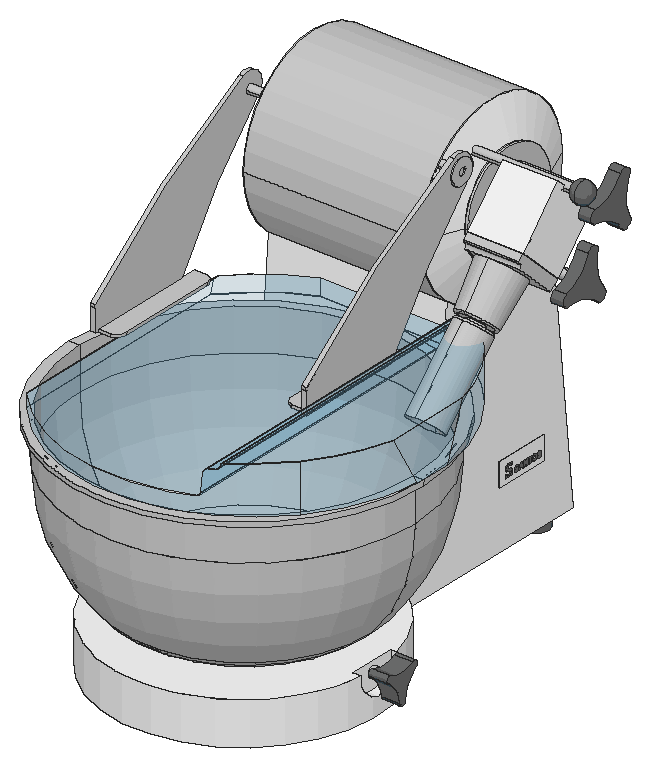
Revit family "QF_SANTOS_18", category Specialty Equipment, Revit 2014
Parameters (values of type "18")
  URL = "www.santos.fr"
  Show Logo [instance] = yes
  Show Clearance [instance] = yes
  Model = "18"
  Manufacturer = "SANTOS"
  Description = "10 LITER DOUGH MIXER 18"
  Assembly Code = "E1090320"
Reference planes
  plane 1 "Back": y = 0
  plane 2: z = 0
  plane 3 "Left": x = 0
  plane 4 "Right": x = 340
  plane 5 "Front": y = -507.5
  plane 6 "Top": z = 400.9
Forms (mm)
  Revolve 1, solid
    sketch origin (0, -337.501, -0.002) x (1, 0, 0) y (0, 0, 1)
      loop
        line (219.996, 48.566) -> (219.679, 54.62) -> (244.889, 54.62)
        arc (244.889, 54.62) -> (265.926, 58.395) -> (284.338, 69.249) r 60.5
        arc (284.338, 69.249) -> (287.12, 71.804) -> (289.731, 74.532) r 58.345
        arc (289.731, 74.532) -> (321.178, 125.039) -> (331.999, 183.543) r 160.01
        line (331.999, 183.543) -> (331.999, 217.119)
        arc (331.999, 217.119) -> (332.438, 218.18) -> (333.499, 218.619) r 1.5
        line (333.499, 218.619) -> (339.999, 218.619) -> (339.999, 223.418) -> (329.999, 223.418) -> (329.999, 183.545)
        arc (329.999, 183.545) -> (319.313, 125.761) -> (288.251, 75.877) r 158.01
        arc (288.251, 75.877) -> (285.725, 73.237) -> (283.034, 70.766) r 56.345
        arc (283.034, 70.766) -> (265.231, 60.27) -> (244.889, 56.62) r 58.5
        line (244.889, 56.62) -> (169.999, 56.62) -> (169.999, 48.566) -> (219.996, 48.566)
      axis (169.999, 48.566) -> (169.999, 223.418)
    angle from 0 to 360
  Extrusion 2, solid
    sketch origin (0, -15, -2.197) x (1, 0, 0) y (0, 0, 1)
      loop
        line (39.337, 225.825) -> (340, 225.825) -> (335.895, 271.825) -> (257.573, 271.825)
        arc (257.573, 271.825) -> (256.84, 271.594) -> (256.486, 270.912) r 1.004
        line (256.486, 270.912) -> (256.28, 268.564)
        arc (256.28, 268.564) -> (255.318, 266.613) -> (253.292, 265.825) r 3
        line (253.292, 265.825) -> (247.712, 265.825)
        arc (247.712, 265.825) -> (245.718, 265.019) -> (244.776, 263.087) r 3
        line (244.776, 263.087) -> (243.16, 244.616)
        arc (243.16, 244.616) -> (242.213, 242.631) -> (240.166, 241.825) r 3
        line (240.166, 241.825) -> (43.539, 241.825)
        arc (43.539, 241.825) -> (41.479, 241.055) -> (40.498, 239.087) r 3
        line (40.498, 239.087) -> (39.337, 225.825)
    from 152.171 to 500
  Extrusion 3, void
    sketch origin (0, 0, 17.803) x (1, 0, 0) y (0, 1, 0)
      loop
        arc (35.785, -221.003) -> (167.754, -153.945) -> (301.866, -216.608) r 168.899
        arc (301.866, -216.608) -> (340.902, -326.949) -> (301.866, -437.29) r 175.463
        arc (301.866, -437.29) -> (170.602, -499.948) -> (39.337, -437.29) r 168.824
        line (39.337, -437.29) -> (34.337, -437.29) -> (34.337, -521.033) -> (350, -521.033) -> (350, -152.29) -> (20.968, -152.29) -> (35.785, -221.003)
    from 200.814 to 282.538
  Extrusion 4, solid
    sketch origin (-21.775, -5, 0.303) x (0, 1, 0) y (0, 0, 1)
      loop
        arc (-158.861, 384.296) -> (-251.487, 330.996) -> (-336.182, 265.825) r 799.997
        arc (-336.182, 265.825) -> (-336.8, 264.456) -> (-336.182, 263.087) r 1.826
        line (-336.182, 263.087) -> (-336.182, 241.825) -> (-234.562, 241.825)
        arc (-234.562, 241.825) -> (-190.691, 305.487) -> (-139.312, 363.26) r 626.347
        arc (-139.312, 363.26) -> (-141.276, 381.036) -> (-158.861, 384.296) r 15
    from 45.95 to 50
  Extrusion 5, solid
    sketch origin (276.274, -5, 0.303) x (0, 1, 0) y (0, 0, -1)
      loop
        arc (-158.861, -384.296) -> (-141.276, -381.036) -> (-139.312, -363.26) r 15
        arc (-139.312, -363.26) -> (-190.691, -305.487) -> (-234.562, -241.825) r 626.347
        line (-234.562, -241.825) -> (-336.182, -241.825) -> (-336.182, -263.087)
        arc (-336.182, -263.087) -> (-336.8, -264.456) -> (-336.182, -265.825) r 1.826
        arc (-336.182, -265.825) -> (-251.487, -330.996) -> (-158.861, -384.296) r 799.997
    from 45.95 to 50
  Extrusion 6, solid
    sketch origin (0, -5, 0.303) x (1, 0, 0) y (0, 1, 0)
      loop
        line (28.225, -217.764) -> (28.225, -333.531) -> (40.371, -333.531)
        arc (40.371, -333.531) -> (46.018, -330.03) -> (48.225, -323.764) r 10
        line (48.225, -323.764) -> (48.225, -227.764)
        arc (48.225, -227.764) -> (45.296, -220.693) -> (38.225, -217.764) r 10
        line (38.225, -217.764) -> (28.225, -217.764)
      loop
        line (226.274, -217.764) -> (216.274, -217.764)
        arc (216.274, -217.764) -> (209.203, -220.693) -> (206.274, -227.764) r 10
        line (206.274, -227.764) -> (206.274, -323.764)
        arc (206.274, -323.764) -> (208.481, -330.03) -> (214.128, -333.531) r 10
        line (214.128, -333.531) -> (226.274, -333.531) -> (226.274, -217.764)
    from 241.825 to 243.825
  Extrusion 7, solid
    sketch origin (0, 0, 17.803) x (0, 1, 0) y (0, 0, 1)
      loop
        line (0, -10.803) -> (-26.862, 250.726)
        arc (-26.862, 250.726) -> (-85.008, 214.011) -> (-151.29, 232.332) r 85
        line (-151.29, 232.332) -> (-157.366, 162.883)
        arc (-157.366, 162.883) -> (-168.849, 106.445) -> (-192.733, 54.036) r 254.386
        arc (-192.733, 54.036) -> (-205.103, 39.837) -> (-221.603, 30.76) r 53.894
        line (-221.603, 30.76) -> (-221.603, -10.803) -> (0, -10.803)
    from 42.546 to 212.454
  Extrusion 8, solid
    sketch origin (25, -5, 0.303) x (0, 1, 0) y (0, 0, 1)
      loop
        line (-172.984, 336.212) -> (-131.87, 296.509) -> (-90.091, 341.311) -> (-131.885, 380.284) -> (-172.984, 336.212)
    from 229.724 to 282.687
  Extrusion 9, solid
    sketch origin (25, -5, 0.303) x (0, 1, 0) y (0, 0, 1)
      loop
        line (-173.415, 336.628) -> (-178.048, 331.298)
        arc (-178.048, 331.298) -> (-178.294, 330.639) -> (-178.048, 329.981) r 1.004
        line (-178.048, 329.981) -> (-177.2, 329.133)
        arc (-177.2, 329.133) -> (-175.999, 326.498) -> (-176.822, 323.721) r 4.135
        line (-176.822, 323.721) -> (-141.866, 289.965) -> (-131.87, 296.509) -> (-173.415, 336.628)
    from 229.724 to 282.687
  Revolve 10, solid
    sketch origin (277.5, -5, 0.303) x (0, 1, 0) y (0, 0, 1)
      loop
        line (-176.822, 323.721) -> (-204.63, 289.436)
        arc (-204.63, 289.436) -> (-204.95, 288.181) -> (-204.205, 287.122) r 1.548
        line (-204.205, 287.122) -> (-198.301, 281.421) -> (-200.385, 279.263) -> (-204.982, 283.703)
        arc (-204.982, 283.703) -> (-206.478, 284.292) -> (-207.952, 283.651) r 2.1
        line (-207.952, 283.651) -> (-264.623, 224.966) -> (-245.997, 219.619) -> (-160.598, 308.053) -> (-176.822, 323.721)
      axis (-252.313, 213.079) -> (-160.598, 308.053)
    angle from 0 to 360
  Revolve 11, solid
    sketch origin (55, 0, 0) x (0, 1, 0) y (0, 0, 1)
      loop
        line (-16.463, 0) -> (-16.218, 7) -> (-28.418, 7) -> (-28.418, 0) -> (-16.463, 0)
      axis (-28.418, 7) -> (-28.418, 0)
    angle from 0 to 360
  Revolve 12, solid
    sketch origin (85, -346.135, 0) x (0, 1, 0) y (0, 0, 1)
      loop
        line (-16.463, 0) -> (-16.218, 7) -> (-28.418, 7) -> (-28.418, 0) -> (-16.463, 0)
      axis (-28.418, 7) -> (-28.418, 0)
    angle from 0 to 360
  Revolve 13, solid
    sketch origin (199.999, 0, 0) x (0, 1, 0) y (0, 0, -1)
      loop
        line (-16.463, 0) -> (-28.418, 0) -> (-28.418, -7) -> (-16.218, -7) -> (-16.463, 0)
      axis (-28.418, -7) -> (-28.418, 0)
    angle from 0 to 360
  Revolve 14, solid
    sketch origin (266.249, -346.135, 0) x (0, 1, 0) y (0, 0, -1)
      loop
        line (-16.463, 0) -> (-28.418, 0) -> (-28.418, -7) -> (-16.218, -7) -> (-16.463, 0)
      axis (-28.418, -7) -> (-28.418, 0)
    angle from 0 to 360
  Extrusion 15, solid
    sketch origin (25, -5, 0.303) x (0, 1, 0) y (0, 0, 1)
      loop
        arc (-76.669, 367.953) -> (-89.449, 355.458) -> (-106.561, 350.294) r 37.515
        arc (-106.561, 350.294) -> (-112.556, 344.449) -> (-106.864, 338.308) r 5.997
        arc (-106.864, 338.308) -> (-89.436, 333.53) -> (-76.266, 321.156) r 37.498
        arc (-76.266, 321.156) -> (-68.507, 319.061) -> (-65.625, 326.563) r 6
        arc (-65.625, 326.563) -> (-70.798, 345.618) -> (-65.574, 364.659) r 37.498
        arc (-65.574, 364.659) -> (-69.865, 370.538) -> (-76.669, 367.953) r 6.001
    from 287.249 to 299.008
  Extrusion 16, solid
    sketch origin (25, 31.182, -27.159) x (0, 0.978148, 0.207912) y (0, -0.207912, 0.978148)
      loop
        arc (-76.669, 367.953) -> (-89.449, 355.458) -> (-106.561, 350.294) r 37.515
        arc (-106.561, 350.294) -> (-112.556, 344.449) -> (-106.864, 338.308) r 5.997
        arc (-106.864, 338.308) -> (-89.436, 333.53) -> (-76.266, 321.156) r 37.498
        arc (-76.266, 321.156) -> (-68.507, 319.061) -> (-65.625, 326.563) r 6
        arc (-65.625, 326.563) -> (-70.798, 345.618) -> (-65.574, 364.659) r 37.498
        arc (-65.574, 364.659) -> (-69.865, 370.538) -> (-76.669, 367.953) r 6.001
    from 287.249 to 299.008
  Extrusion 17, solid
    sketch origin (18.159, -397.426, -300.631) x (0, 0.919259, -0.393654) y (0, 0.393654, 0.919259)
      loop
        arc (-67.23, 324.227) -> (-68.863, 337.818) -> (-64.463, 350.781) r 30.898
        arc (-64.463, 350.781) -> (-65.085, 355.107) -> (-69.411, 354.485) r 3.09
        arc (-69.411, 354.485) -> (-80.424, 346.368) -> (-93.807, 343.53) r 32.348
        arc (-93.807, 343.53) -> (-97.071, 340.812) -> (-94.54, 337.401) r 3.091
        arc (-94.54, 337.401) -> (-81.94, 332.073) -> (-72.913, 321.793) r 30.646
        arc (-72.913, 321.793) -> (-68.855, 320.168) -> (-67.23, 324.227) r 3.091
    from 281.521 to 299.008
  Extrusion 18, solid
    sketch origin (25, -5, 0.303) x (0, 1, 0) y (0, 0, 1)
      loop
        circle (-83.055, 344.498) r 4.619
      loop
        circle (-116.822, 292.5) r 4.619
    from 187.454 to 287.249
  Revolve 19, solid
    sketch origin (323.824, 2.5, 0.303) x (0, 1, 0) y (0, 0, 1)
      loop
        arc (-129.549, 382.116) -> (-139.549, 372.116) -> (-129.549, 362.116) r 10
        line (-129.549, 362.116) -> (-129.549, 382.116)
      axis (-129.549, 382.116) -> (-129.549, 362.116)
    angle from 0 to 360
  Extrusion 20, solid
    sketch origin (25, -4.688, -0.322) x (0, 1, 0) y (0, 0, 1)
      loop
        circle (-122.079, 372.431) r 4
    from 187.454 to 290
  Extrusion 21, solid
    sketch origin (-21.775, -5, 0.303) x (0, 1, 0) y (0, 0, 1)
      loop
        circle (-152.264, 370.825) r 12
      loop
        circle (-152.264, 370.825) r 4
    from 44.35 to 47.05
  Extrusion 22, solid
    sketch origin (276.774, -5, 0.303) x (0, 1, 0) y (0, 0, -1)
      loop
        circle (-152.264, -370.825) r 12
      loop
        circle (-152.264, -370.825) r 4
    from 44.35 to 47.05
  Extrusion 23, solid
    sketch origin (-21.775, -5, 0.303) x (0, 1, 0) y (0, 0, 1)
      loop
        circle (-152.264, 370.825) r 4
    from 49.95 to 64.32
  Extrusion 24, solid
    sketch origin (276.774, -5, 0.303) x (0, 1, 0) y (0, 0, -1)
      loop
        circle (-152.264, -370.825) r 4
    from 49.95 to 64.32
  Extrusion 25, solid, visible <- "Show Clearance", detail levels coarse
    sketch origin (0, 0, 0) x (0, 1, 0) y (0, 0, 1)
      loop
        arc (-17.237, 723.608) -> (-425.477, 631.674) -> (-498.429, 219.619) r 377.747
        line (-498.429, 219.619) -> (-153.215, 371.876) -> (-17.237, 723.608)
    from 0 to 342.476
  Extrusion 26, solid, visible <- "Show Logo"
    sketch origin (212.454, -89.302, 64.105) x (0, 1, 0) y (0, 0, 1)
      loop
        arc (21.325, 9.448) -> (20.594, 10.803) -> (19.119, 11.245) r 2.012
        line (19.119, 11.245) -> (18.028, 11.043)
        arc (18.028, 11.043) -> (17.086, 9.601) -> (18.075, 8.19) r 1.537
        line (18.075, 8.19) -> (19.912, 7.698)
        arc (19.912, 7.698) -> (20.24, 7.476) -> (20.359, 7.098) r 0.604
        arc (20.359, 7.098) -> (19.928, 6.57) -> (19.285, 6.346) r 1.252
        arc (19.285, 6.346) -> (18.441, 6.608) -> (17.98, 7.362) r 1.252
        line (17.98, 7.362) -> (16.895, 7.345)
        arc (16.895, 7.345) -> (17.668, 5.809) -> (19.335, 5.389) r 2.065
        line (19.335, 5.389) -> (20.382, 5.583)
        arc (20.382, 5.583) -> (21.181, 6.149) -> (21.505, 7.072) r 1.615
        arc (21.505, 7.072) -> (21.296, 7.935) -> (20.675, 8.57) r 1.675
        line (20.675, 8.57) -> (18.05, 9.445)
        arc (18.05, 9.445) -> (18.541, 10.06) -> (19.311, 10.228) r 1.177
        arc (19.311, 10.228) -> (19.959, 10.042) -> (20.24, 9.43) r 0.807
        line (20.24, 9.43) -> (21.325, 9.448)
      loop
        line (23.962, 11.151) -> (21.871, 5.444) -> (23.028, 5.444) -> (23.47, 6.713) -> (25.625, 6.713) -> (26.073, 5.444) -> (27.215, 5.444) -> (25.112, 11.151) -> (23.962, 11.151)
      loop
        line (23.814, 7.712) -> (25.277, 7.712) -> (24.543, 9.792) -> (23.814, 7.712)
      loop
        line (27.753, 11.17) -> (27.753, 5.444) -> (28.845, 5.444) -> (28.845, 9.23) -> (31.203, 5.444) -> (32.378, 5.444) -> (32.378, 11.151) -> (31.292, 11.151) -> (31.292, 7.31) -> (28.885, 11.17) -> (27.753, 11.17)
      loop
        line (34.733, 10.155) -> (34.733, 5.444) -> (35.82, 5.444) -> (35.82, 10.156) -> (37.451, 10.156) -> (37.451, 11.151) -> (33.103, 11.151) -> (33.103, 10.155) -> (34.733, 10.155)
      loop
        arc (48.503, 9.448) -> (47.773, 10.803) -> (46.297, 11.245) r 2.012
        line (46.297, 11.245) -> (45.207, 11.043)
        arc (45.207, 11.043) -> (44.264, 9.601) -> (45.253, 8.19) r 1.537
        line (45.253, 8.19) -> (47.091, 7.698)
        arc (47.091, 7.698) -> (47.418, 7.476) -> (47.538, 7.098) r 0.604
        arc (47.538, 7.098) -> (47.107, 6.57) -> (46.463, 6.346) r 1.252
        arc (46.463, 6.346) -> (45.619, 6.608) -> (45.159, 7.362) r 1.252
        line (45.159, 7.362) -> (44.074, 7.345)
        arc (44.074, 7.345) -> (44.846, 5.809) -> (46.513, 5.389) r 2.065
        line (46.513, 5.389) -> (47.561, 5.583)
        arc (47.561, 5.583) -> (48.359, 6.149) -> (48.684, 7.072) r 1.615
        arc (48.684, 7.072) -> (48.475, 7.935) -> (47.854, 8.57) r 1.675
        line (47.854, 8.57) -> (45.221, 9.423)
        arc (45.221, 9.423) -> (45.71, 10.054) -> (46.489, 10.228) r 1.177
        arc (46.489, 10.228) -> (47.137, 10.042) -> (47.419, 9.43) r 0.807
        line (47.419, 9.43) -> (48.503, 9.448)
      loop
        line (40.302, 5.411) -> (41.111, 5.411)
        arc (41.111, 5.411) -> (43.417, 8.302) -> (41.111, 11.192) r 2.965
        line (41.111, 11.192) -> (40.302, 11.192)
        arc (40.302, 11.192) -> (37.992, 8.302) -> (40.302, 5.411) r 2.964
      loop
        arc (40.695, 10.266) -> (39.009, 8.298) -> (40.695, 6.33) r 1.992
        arc (40.695, 6.33) -> (42.38, 8.298) -> (40.695, 10.266) r 1.992
      loop
        arc (6.442, 13.587) -> (6.524, 11.956) -> (7.392, 10.573) r 3.236
        line (7.392, 10.573) -> (11.622, 9.023)
        arc (11.622, 9.023) -> (11.854, 8.509) -> (11.798, 7.948) r 1.089
        arc (11.798, 7.948) -> (9.486, 6.351) -> (7.174, 7.948) r 2.472
        line (7.174, 7.948) -> (6.374, 7.948)
        arc (6.374, 7.948) -> (10.112, 5.506) -> (13.779, 8.053) r 3.995
        arc (13.779, 8.053) -> (13.408, 10.328) -> (11.617, 11.779) r 3.236
        line (11.617, 11.779) -> (8.49, 12.803)
        arc (8.49, 12.803) -> (8.361, 13.249) -> (8.429, 13.708) r 1.089
        arc (8.429, 13.708) -> (10.741, 15.305) -> (13.053, 13.708) r 2.472
        line (13.053, 13.708) -> (13.853, 13.708)
        arc (13.853, 13.708) -> (10.106, 16.15) -> (6.442, 13.587) r 3.995
    from 0 to 2.4
  Extrusion 27, solid, visible <- "Show Logo"
    sketch origin (212.454, -89.302, 64.105) x (0, 1, 0) y (0, 0, 1)
      loop
        arc (6.374, 13.397) -> (9.993, 16.147) -> (13.843, 13.732) r 3.995
        line (13.843, 13.732) -> (13.843, 16.189) -> (6.374, 16.189) -> (6.374, 13.397)
      loop
        line (13.779, 5.076) -> (13.779, 8.053)
        arc (13.779, 8.053) -> (12.339, 6.223) -> (10.114, 5.506) r 3.995
        arc (10.114, 5.506) -> (7.871, 6.155) -> (6.374, 7.948) r 3.995
        line (6.374, 7.948) -> (6.374, 5.076) -> (13.779, 5.076)
    from 0 to 2.4
  Extrusion 28, solid, visible <- "Show Logo"
    sketch origin (212.454, -89.302, 64.105) x (0, 1, 0) y (0, 0, 1)
      loop
        line (52.558, 21.842) -> (0, 21.842) -> (0, 0) -> (52.558, 0) -> (52.558, 21.842)
    from 0 to 2
  Extrusion 29, solid
    sketch origin (0, -45, 0) x (1, 0, 0) y (0, 1, 0)
      loop
        circle (125.129, -10.041) r 5
    from 4 to 7
  Extrusion 30, solid
    sketch origin (0, 0, 0) x (1, 0, 0) y (0, 1, 0)
      loop
        arc (43.044, -341.25) -> (243.239, -444.95) -> (212.454, -221.603) r 126.956
        line (212.454, -221.603) -> (43.044, -221.603) -> (43.044, -341.25)
    from 7 to 48.563
  Revolve 31, solid
    sketch origin (0, 0, 315.9) x (1, 0, 0) y (0, 1, 0)
      loop
        line (25.275, -97.439) -> (28.225, -97.439) -> (28.225, -47.439) -> (25.275, -47.439) -> (25.275, -97.439)
      loop
        line (212.454, -12.439) -> (42.546, -12.439) -> (42.546, -97.439) -> (212.454, -97.439) -> (212.454, -12.439)
      loop
        line (229.724, -97.439) -> (229.724, -47.439) -> (226.774, -47.439) -> (226.774, -97.439) -> (229.724, -97.439)
      axis (25.275, -97.439) -> (229.724, -97.439)
    angle from 0 to 360
  Revolve 32, solid
    sketch origin (0, 0, 315.9) x (1, 0, 0) y (0, 1, 0)
      loop
        line (42.546, -12.439) -> (28.225, -47.439) -> (28.225, -97.439) -> (42.546, -97.439) -> (42.546, -12.439)
      loop
        line (226.774, -97.439) -> (226.774, -47.439) -> (212.454, -12.439) -> (212.454, -97.439) -> (226.774, -97.439)
      axis (28.225, -97.439) -> (226.774, -97.439)
    angle from 0 to 360
  Extrusion 33, void
    sketch origin (0, 0, 0) x (0, 1, 0) y (0, 0, 1)
      loop
        line (-312.502, 48.563) -> (-357.502, 48.563) -> (-357.502, 40.017)
        arc (-357.502, 40.017) -> (-335.002, 23.73) -> (-312.502, 40.017) r 23.685
        line (-312.502, 40.017) -> (-312.502, 48.563)
    from 287.803 to 303.044
  Extrusion 34, solid
    sketch origin (0, 0, 0) x (0, 1, 0) y (0, 0, 1)
      loop
        circle (-334.926, 40.144) r 5
    from 287.803 to 299.68
Cuts and joins
  Extrusion 3 cuts Extrusion 2
  Extrusion 33 cuts Extrusion 30
Lines and regions (mm)
  symbolic lines, style "200-EquipBorder-2D"
    curve 1: line (42.546, 0, 0) -> (212.454, 0, 0)
    curve 2: line (212.454, 0, 0) -> (212.454, -12.439, 0)
    curve 3: line (212.454, -12.439, 0) -> (226.774, -47.439, 0)
    curve 4: line (226.774, -47.439, 0) -> (229.724, -47.439, 0)
    curve 5: line (229.724, -47.439, 0) -> (229.724, -82.439, 0)
    curve 6: line (312.249, -83.436, 0) -> (229.724, -83.436, 0)
    curve 7: line (312.249, -83.436, 0) -> (312.249, -70.225, 0)
    curve 8: line (312.249, -70.225, 0) -> (324.008, -70.225, 0)
    curve 9: line (324.008, -70.225, 0) -> (324.008, -117.068, 0)
    curve 10: line (324.008, -150.63, 0) -> (312.249, -150.63, 0)
    curve 11: line (312.249, -150.63, 0) -> (312.249, -130.767, 0)
    curve 12: line (312.249, -130.767, 0) -> (307.687, -130.767, 0)
    curve 13: line (307.687, -130.767, 0) -> (307.687, -183.294, 0)
    curve 14: line (307.687, -183.294, 0) -> (297.687, -183.294, 0)
    curve 15: line (297.687, -183.294, 0) -> (294.625, -208.232, 0)
    curve 16: arc (294.625, -208.232, 0) -> (331.948, -271.612, 0) -> (340, -344.722, 0) r 175.389
    curve 17: arc (169.999, -507.5, 0) -> (286.109, -461.597, 0) -> (340, -348.972, 0) r 170.87
    curve 18: arc (340, -348.972, 0) -> (340.077, -346.847, 0) -> (340, -344.722, 0) r 29.419
    curve 19: arc (169.999, -507.5, 0) -> (21.877, -421.424, 0) -> (24.175, -250.122, 0) r 169.762
    curve 20: line (24.175, -250.122, 0) -> (24.175, -169.264, 0)
    curve 21: line (22.575, -169.264, 0) -> (24.175, -169.264, 0)
    curve 22: line (22.575, -169.264, 0) -> (22.575, -145.265, 0)
    curve 23: line (22.575, -145.265, 0) -> (24.175, -145.265, 0)
    curve 24: line (24.175, -145.265, 0) -> (24.175, -142.265, 0)
    curve 25: line (24.175, -142.265, 0) -> (25.275, -142.265, 0)
    curve 26: line (25.275, -142.265, 0) -> (25.275, -47.439, 0)
    curve 27: line (25.275, -47.439, 0) -> (28.225, -47.439, 0)
    curve 28: line (28.225, -47.439, 0) -> (42.546, -12.439, 0)
    curve 29: line (42.546, -12.439, 0) -> (42.546, 0, 0)
    curve 30: arc (324.008, -117.068, 0) -> (334.008, -127.068, 0) -> (324.008, -137.068, 0) r 10
    curve 31: line (324.008, -137.068, 0) -> (324.008, -150.63, 0)
  symbolic lines, style "200-EquipInternal-2D"
    curve 32: line (42.546, -12.439, 0) -> (212.454, -12.439, 0)
    curve 33: line (212.454, -182.439, 0) -> (42.546, -182.439, 0)
    curve 34: line (254.724, -95.091, 0) -> (254.724, -183.294, 0)
    curve 35: line (297.687, -183.294, 0) -> (254.724, -183.294, 0)
    curve 36: line (254.724, -95.091, 0) -> (307.687, -95.091, 0)
    curve 37: line (307.687, -95.091, 0) -> (307.687, -130.767, 0)
    curve 38: line (229.724, -83.436, 0) -> (229.724, -142.265, 0)
    curve 39: line (232.424, -169.264, 0) -> (232.424, -145.265, 0)
    curve 40: line (232.424, -145.265, 0) -> (230.324, -145.265, 0)
    curve 41: line (230.324, -145.265, 0) -> (230.324, -142.265, 0)
    curve 42: line (212.454, -182.439, 0) -> (226.274, -148.232, 0)
    curve 43: line (42.546, -182.439, 0) -> (28.225, -147.667, 0)
    curve 44: line (24.175, -341.8, 0) -> (24.175, -250.122, 0)
    curve 45: line (24.175, -341.8, 0) -> (28.225, -341.8, 0)
    curve 46: line (28.225, -341.8, 0) -> (28.225, -338.531, 0)
    curve 47: line (28.225, -338.531, 0) -> (40.371, -338.531, 0)
    curve 48: arc (40.371, -338.531, 0) -> (46.018, -335.03, 0) -> (48.225, -328.764, 0) r 10
    curve 49: line (48.225, -328.764, 0) -> (48.225, -232.764, 0)
    curve 50: arc (48.225, -232.764, 0) -> (45.296, -225.693, 0) -> (38.225, -222.764, 0) r 10
    curve 51: line (38.225, -222.764, 0) -> (28.225, -222.764, 0)
    curve 52: line (28.225, -222.764, 0) -> (28.225, -142.265, 0)
    curve 53: line (28.225, -142.265, 0) -> (25.275, -142.265, 0)
    curve 54: line (232.424, -169.264, 0) -> (230.324, -169.264, 0)
    curve 55: line (230.324, -169.264, 0) -> (230.324, -341.8, 0)
    curve 56: line (230.324, -341.8, 0) -> (226.274, -341.8, 0)
    curve 57: line (226.274, -341.8, 0) -> (226.274, -338.531, 0)
    curve 58: line (226.274, -338.531, 0) -> (214.128, -338.531, 0)
    curve 59: arc (214.128, -338.531, 0) -> (208.481, -335.03, 0) -> (206.274, -328.764, 0) r 10
    curve 60: line (206.274, -328.764, 0) -> (206.274, -232.764, 0)
    curve 61: arc (206.274, -232.764, 0) -> (209.203, -225.693, 0) -> (216.274, -222.764, 0) r 10
    curve 62: line (216.274, -222.764, 0) -> (226.274, -222.764, 0)
    curve 63: line (226.274, -222.764, 0) -> (226.274, -142.265, 0)
    curve 64: line (226.274, -142.265, 0) -> (230.324, -142.265, 0)
    curve 65: arc (324.008, -117.068, 0) -> (314.008, -127.068, 0) -> (324.008, -137.068, 0) r 10
    curve 66: line (315.055, -122.613, 0) -> (307.687, -122.613, 0)
    curve 67: line (229.724, -130.691, 0) -> (254.724, -130.691, 0)
    curve 68: line (254.724, -122.613, 0) -> (229.724, -122.613, 0)
    curve 69: line (312.249, -130.767, 0) -> (314.717, -130.767, 0)
Dimensions and locks
  aligned and locked: level to plane 2
Connectors
  electrical at (125.129, -55.041, 4)
    settings: on Extrusion 29, index 1, voltage 0 V, apparent load 0 VA, apparent load phase1 0 VA, apparent load phase2 0 VA, apparent load phase3 0 VA, power factor 1, load classification "Other", number of poles 1, system type 31, power factor state 1, is connector primary yes, connector utility no, sub classification motor no, connector description "Electrical connection"
